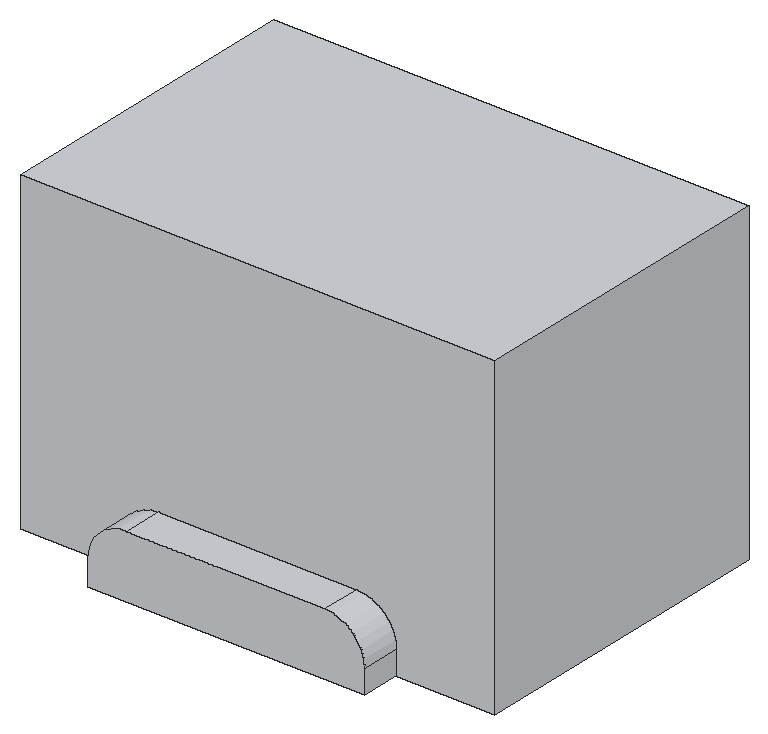
Revit family "KNS_KK_Адаптер для напольного кабель-канала КМАП_R19_IEK", category Соединительные детали воздуховодов, Revit 2019
Family settings
  Размер круглого соединителя = Использовать диаметр
  Тип детали = Тройник
  Номер OmniClass = 23.75.70.14
  Заголовок OmniClass = Air Ductwork
  На основе рабочей плоскости = Нет
  Всегда вертикально = Да
  При загрузке вырезать с полостями = Нет
  Общий = Нет
Parameters (values of type "Стандарт")
  Ширина воздуховода 3 [instance] = 70 mm
  Ширина воздуховода 1 [instance] = 80 mm
  Полка [instance] = 25 mm
  Type Comments = ""
  Изготовитель = "IEK"  # constant formula
  Длина3a [instance] = Ширина воздуховода 1 / 2  # 40 mm
  Длина воздуховода 3 [instance] = Длина3a + Полка  # 65 mm
  Длина1a [instance] = Ширина воздуховода 3 / 2  # 35 mm
  Длина воздуховода 1 [instance] = Длина1a + Полка  # 60 mm
  Model = ""
  Высота воздуховода 3 [instance] = 16 mm
  Высота воздуховода [instance] = 80 mm
  URL = "https://www.iek.ru/"
  KSI_CPr_Строительные изделия = ""
  KSI_CMa_Строительные материалы = ""
  IEK_Цена с НДС [instance] = ""
  IEK_Срок службы = ""
  IEK_Описание = ""
  IEK_Монтажная температура = ""
  IEK_Гарантийный срок = ""
  IEK_URL [instance] = ""
  IEK_ID [instance] = ""
  ADSK_Позиция [instance] = ""
  ADSK_Обозначение = "ТУ 27.33.14-004-83135016-2017"
  ADSK_Наименование [instance] = "Адаптер для напольного кабель канала КМАП 80х20"
  ADSK_Материал обозначение = "Пластик"
  ADSK_Материал наименование = ""
  ADSK_Масса_Текст [instance] = "0.075"
  ADSK_Марка = "ЭЛЕКОР"
  ADSK_Код изделия [instance] = "CKK11D-A-080-020-K01"
  ADSK_Завод-изготовитель = "IEK"  # constant formula
  ADSK_Единица измерения = "шт"  # constant formula
  ADSK_Группирование = ""
  ADSK_Версия семейства = "1.0"  # constant formula
  ADSK_Версия Revit = "v2019"  # constant formula
  ADSK_URL страницы изделия = "https://www.iek.ru/products/catalog/?page=detail&article=CKK11D-A-080-020-K01&utm_source=price"
  ADSK_URL документации изделия = "https://www.iek.ru/upload/pictures/katalogi/ru_ru/5-catalog_kabeln_syst.pdf"
Reference planes
  plane 1 "По центру (Вперед/Назад)": y = 0
  plane 2: z = 0
  plane 3 "По центру (Влево/Вправо)": x = 0
  plane 4: x = -60
  plane 5: x = 60
  plane 6: y = -65
Forms (mm)
  Sweep 1, solid, detail levels medium
    path in 3D
      loop
        line (-60, 0, 0) -> (0, 0, 0)
    profile "M_Воздуховод - Прямоугольного сечения : Воздуховод - Прямоугольного сечения" origin (-30, 0, 0) x (0, 1, 0) y (0, 0, 1)
      loop
        line (-40, 40) -> (-40, -40) -> (40, -40) -> (40, 40) -> (-40, 40)
  Sweep 2, solid, detail levels medium
    path in 3D
      loop
        line (0, 0, 0) -> (60, 0, 0)
    profile "M_Воздуховод - Прямоугольного сечения : Воздуховод - Прямоугольного сечения" origin (30, 0, 0) x (0, 1, 0) y (0, 0, 1)
      loop
        line (-40, 40) -> (-40, -40) -> (40, -40) -> (40, 40) -> (-40, 40)
  Sweep 3, solid, detail levels medium
    path in 3D
      loop
        line (0, 0, 0) -> (0, -50, 0)
    profile origin (0, -25, 0) x (1, 0, 0) y (0, 0, 1)
      loop
        line (-35, -24) -> (-35, -40) -> (35, -40) -> (35, -24) -> (-35, -24)
  Extrusion 4, solid, detail levels fine
    sketch origin (-60, -40, -40) x (1, 0, 0) y (0, 0, 1)
      loop
        line (25, 0) -> (95, 0) -> (95, 6)
        arc (95, 6) -> (92.071, 13.071) -> (85, 16) r 10
        line (85, 16) -> (35, 16)
        arc (35, 16) -> (27.929, 13.071) -> (25, 6) r 10
        line (25, 6) -> (25, 0)
    from 0 to 10
  Extrusion 5, solid, detail levels fine
    sketch origin (0, 0, 0) x (1, 0, 0) y (0, 1, 0)
      loop
        line (-60, 40) -> (-60, -40) -> (60, -40) -> (60, 40) -> (-60, 40)
    from -40 to 40
Cuts and joins
  joined: Sweep 1, Sweep 2, Sweep 3
Lines and regions (mm)
  reference lines
    curve 1: line (-60, 0, 0) -> (0, 0, 0)
    curve 2: line (0, 0, 0) -> (60, 0, 0)
    curve 3: line (0, 0, 0) -> (0, -65, 0)
  sketch lines
    curve 4: line (-60, 0, 0) -> (0, 0, 0)
    curve 5: line (0, 0, 0) -> (60, 0, 0)
    curve 6: line (0, 0, 0) -> (0, -50, 0)
  model lines, style "DuctFitting", detail levels coarse
    curve 7: line (-60, 0, 0) -> (0, 0, 0)
    curve 8: line (0, 0, 0) -> (60, 0, 0)
    curve 9: line (0, 0, 0) -> (0, -65, 0)
Dimensions and locks
  equal spacing: plane 4, plane 3 "По центру (Влево/Вправо)", plane 5
  "Длина воздуховода 1": plane 4 to plane 3 "По центру (Влево/Вправо)"
  "Длина воздуховода 3": plane 6 to plane 1 "По центру (Вперед/Назад)"
  "Высота воздуховода 3": Sweep 3 sketch curve to Sweep 3 sketch curve
  "Ширина воздуховода 3": Sweep 3 sketch curve to Sweep 3 sketch curve
  aligned and locked: plane 3 "По центру (Влево/Вправо)" to curve 1
  aligned and locked: plane 4 to curve 1
  aligned and locked: plane 1 "По центру (Вперед/Назад)" to curve 1
  aligned and locked: plane 5 to curve 2
  aligned and locked: plane 1 "По центру (Вперед/Назад)" to curve 2
  aligned and locked: plane 6 to curve 3
  aligned and locked: curve 7 to curve 1
  aligned and locked: curve 8 to curve 2
  aligned and locked: curve 9 to curve 3
  aligned and locked: Sweep 3 sketch curve to cut or joined group of Sweep 1, Sweep 2, Sweep 3
  aligned and locked: Extrusion 4 sketch curve to cut or joined group of Sweep 1, Sweep 2, Sweep 3  (x2)
  aligned and locked: cut or joined group of Sweep 1, Sweep 2, Sweep 3 to Extrusion 4
  aligned and locked: Extrusion 5 sketch curve to curve 7
  aligned and locked: Extrusion 5 sketch curve to cut or joined group of Sweep 1, Sweep 2, Sweep 3  (x2)
  aligned and locked: Extrusion 5 sketch curve to curve 8
  aligned and locked: Extrusion 5 to cut or joined group of Sweep 1, Sweep 2, Sweep 3  (x2)
Automatic sketch dimensions
  curve 7 to plane 4 = 0 mm
  curve 8 to plane 5 = 0 mm
  curve 9 to plane 6 = 0 mm
  Sweep 1 to Extrusion 4 sketch curve = 25 mm
  Sweep 1 to Extrusion 4 sketch curve = 6 mm
  Extrusion 4 sketch curve to Sweep 1 = 25 mm
  Extrusion 4 sketch curve to Extrusion 4 sketch curve = 10 mm
  profile plane to Sweep 3 sketch curve = 35 mm
Connectors
  hvac at (-60, 0, 0), driven by "Высота воздуховода", driven by "Ширина воздуховода 1"
    settings: on cut or joined group of Sweep 1, Sweep 2, Sweep 3, index 1, duct flow 0.0 L/s, flow factor 0, pres drop 0.0 Pa, loss coef 0, conn angle 0.00°, conn width 80 mm, conn height 80 mm, conn diameter 609.6 mm, duct sys type 28, conn prof type 1, flow config 0, flow direction 0, loss method 0, conn ref index 2, conn util no, is conn primary yes, conn desc ""
  hvac at (60, 0, 0), driven by "Высота воздуховода", driven by "Ширина воздуховода 1"
    settings: on cut or joined group of Sweep 1, Sweep 2, Sweep 3, index 2, duct flow 0.0 L/s, flow factor 0, pres drop 0.0 Pa, loss coef 0, conn angle 0.00°, conn width 80 mm, conn height 80 mm, conn diameter 609.6 mm, duct sys type 28, conn prof type 1, flow config 0, flow direction 0, loss method 0, conn ref index 1, conn util no, is conn primary no, conn desc ""
  hvac at (0, -50, -32), driven by "Высота воздуховода 3", driven by "Ширина воздуховода 3"
    settings: on cut or joined group of Sweep 1, Sweep 2, Sweep 3, index 3, duct flow 0.0 L/s, flow factor 0, pres drop 0.0 Pa, loss coef 0, conn angle 0.00°, conn width 70 mm, conn height 16 mm, conn diameter 609.6 mm, duct sys type 28, conn prof type 1, flow config 0, flow direction 0, loss method 0, conn ref index -1, conn util no, is conn primary no, conn desc ""
